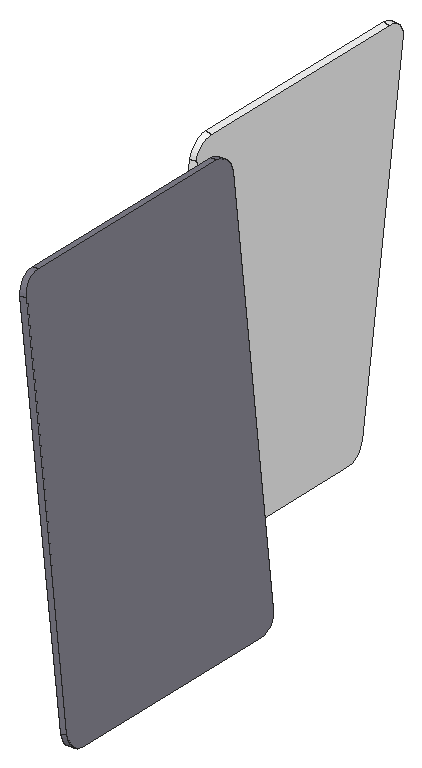
Revit family "Add_On_Board-Teknion-CQCAB_Routes-R2022", category Furniture, Revit 2022
Family settings
  OmniClass Number = 23.40.20.00
  OmniClass Title = General Furniture and Specialties
  Work Plane-Based = No
  Always vertical = Yes
  Cut with Voids When Loaded = No
  Render Appearance Source = Family Geometry
  Shared = Yes
  Room Calculation Point = No
Parameters (values of type "One Whiteboard Add Ons & One Tackboard Add Ons")
  Warranty = "http://www.teknion.com/ca/papers/legal-canada"
  Unit Weight URL = "http://www.teknion.com/ca/tools/assets#&asset=bee6a381-b954-425e-8283-5a2de3a804f2,f828d448-4b62-4231-9e5f-9a8991c0ed77"
  URL = "www.teknion.com"
  To render please download texture images found here [instance] = "https://assets.teknion.com/web/5e81352c1dfdb467/revit-material-swatches/"
  Tackboard Fabric [instance] = Upholstery_Fabric-Teknion-S352-Grade_7-Subtle_Stria-Refined
  Sustainability Data = "https://www.teknion.com/ca/tools/assets#&topic=216f99a5-57a0-44fc-b10a-9dee9b29ae4c&asset=444deb64-fe58-4b68-981e-f75e97781df7,b4ff2d81-9f2e-437d-9659-7cffb09c31cf"
  Series = "Routes"  # constant formula
  Right Whiteboard Add On Board = no
  Right Tackboard Add On Board = yes
  Product Page URL = "https://www.teknion.com/ca/products/product-details?productLineId=70f0476f-8e7a-673b-a6c8-ff05004460c4"
  Product Line = "Routes"  # constant formula
  Product Documentation Link = "https://assets.teknion.com/m/72af4764f50e983c/original/Routes-Reference-Guide.pdf"
  Part Number = "CQCAB"
  Model = "CQCABU_"
  Manufacturer Phone = "416-661-3370"  # constant formula
  Manufacturer Fax = "416.661.4586"  # constant formula
  Manufacturer Contact Information = "http://www.teknion.com/ca/contactus"
  Manufacturer Address = "1150 Flint Road, Toronto, ON. M3J 2J5. Canada"  # constant formula
  Manufacturer = "Teknion"  # constant formula
  Left Whiteboard Add On = yes
  Left Tackboard Add On = no
  How To Use Teknion Materials User Guide [instance] = "https://assets.teknion.com/m/205dd0a49fa58060/original/How-to-add-a-Material-Library-and-Texture-Images-to-your-Revit-project.pdf"
  For Additional Finishes please visit [instance] = "https://assets.teknion.com/m/44a8009b046e5d47/original/Teknion_Materials_Library.zip"
  Description = "Routes  Add On Board, One Whiteboard Add Ons & One Tackboard Add On"
  Default Elevation = 0.000"
  Assembly Code = "E2020200"
  2D Add On Board = yes
Types (4): name | Tackboard Fabric | Right Whiteboard Add On Board | Right Tackboard Add On Board | Model | Left Whiteboard Add On | Left Tackboard Add On | Description
  (no name) | Upholstery_Fabric-Teknion-S352-Grade_7-Subtle_Stria-Refined | no | yes | "CQCABU_" | yes | no | "Routes  Add On Board, One Whiteboard Add Ons & One Tackboard Add On"
  One Whiteboard Add Ons & One Tackboard Add Ons | Upholstery_Fabric-Teknion-S352-Grade_7-Subtle_Stria-Refined | no | yes | "CQCABU_" | yes | no | "Routes  Add On Board, One Whiteboard Add Ons & One Tackboard Add On"
  Two Tackboard Add Ons | Fabric - Teknion - A164 - Adage - Amethyst | no | yes | "CQCABT_" | no | yes | "Routes Add On Board, Two Tackboard Add Ons"
  Two Whiteboard Add Ons | Laminate-Teknion-5D-Whiteboard | yes | no | "CQCABWW" | yes | no | "Routes Add On Board, Two Whiteboard Add Ons,"
Reference planes (in)
  plane 1: z = 0
  plane 2 "Center Left/Right": x = -0.32293
  plane 3 "Left": x = -7.39958
  plane 4 "Right": x = 6.75373
  plane 5 "Back": y = 25.42193
  plane 6 "Front": y = -33.0627
  plane 7 "Top": z = 77.87003
  plane 8 "Center (Front/Back)": y = -3.82039
Forms (in)
  Sweep 1, solid, material "Upholstery_Fabric-Teknion-S352-Grade_7-Subtle_Stria-Refined" <- "Tackboard Fabric", visible <- "Left Tackboard Add On"
    path origin (-0.33229, -2.85669, -0.14177) x (-1, 0, 0) y (0, 0, 1)
      loop
        line (6.35838, 27.01658) -> (7.06729, 27.09286)
    profile origin (-7.04512, -2.85669, 26.91295) x (-0.106981, 0, -0.994261) y (0, -1, 0)
      loop
        line (-45.5, -28.27862) -> (-2, -28.27862)
        arc (-2, -28.27862) -> (-0.58579, -27.69284) -> (0, -26.27862) r 2
        line (0, -26.27862) -> (0, -0.77862)
        arc (0, -0.77862) -> (-0.58579, 0.63559) -> (-2, 1.22138) r 2
        line (-2, 1.22138) -> (-45.5, 1.22138)
        arc (-45.5, 1.22138) -> (-46.91421, 0.63559) -> (-47.5, -0.77862) r 2
        line (-47.5, -0.77862) -> (-47.5, -26.27862)
        arc (-47.5, -26.27862) -> (-46.91421, -27.69284) -> (-45.5, -28.27862) r 2
  Sweep 2, solid, material "Laminate-Teknion-5D-Whiteboard", visible <- "Right Whiteboard Add On Board"
    path origin (-0.31131, -2.85669, -0.14177) x (1, 0, 0) y (0, 0, 1)
      loop
        line (6.35613, 27.01658) -> (7.06504, 27.09286)
    profile origin (6.39927, -2.85669, 26.91295) x (-0.106981, 0, 0.994261) y (0, -1, 0)
      loop
        arc (45.5, 0.68181) -> (46.91421, 1.26759) -> (47.5, 2.68181) r 2
        line (47.5, 2.68181) -> (47.5, 28.18181)
        arc (47.5, 28.18181) -> (46.91421, 29.59602) -> (45.5, 30.18181) r 2
        line (45.5, 30.18181) -> (2, 30.18181)
        arc (2, 30.18181) -> (0.58579, 29.59602) -> (0, 28.18181) r 2
        line (0, 28.18181) -> (0, 2.68181)
        arc (0, 2.68181) -> (0.58579, 1.26759) -> (2, 0.68181) r 2
        line (2, 0.68181) -> (45.5, 0.68181)
  Sweep 3, solid, material "Upholstery_Fabric-Teknion-S352-Grade_7-Subtle_Stria-Refined" <- "Tackboard Fabric", visible <- "Right Tackboard Add On Board"
    path origin (-0.31131, -2.85669, -0.14177) x (1, 0, 0) y (0, 0, 1)
      loop
        line (6.35613, 27.01658) -> (7.06504, 27.09286)
    profile origin (6.39927, -2.85669, 26.91295) x (-0.106981, 0, 0.994261) y (0, -1, 0)
      loop
        arc (45.5, 0.68181) -> (46.91421, 1.26759) -> (47.5, 2.68181) r 2
        line (47.5, 2.68181) -> (47.5, 28.18181)
        arc (47.5, 28.18181) -> (46.91421, 29.59602) -> (45.5, 30.18181) r 2
        line (45.5, 30.18181) -> (2, 30.18181)
        arc (2, 30.18181) -> (0.58579, 29.59602) -> (0, 28.18181) r 2
        line (0, 28.18181) -> (0, 2.68181)
        arc (0, 2.68181) -> (0.58579, 1.26759) -> (2, 0.68181) r 2
        line (2, 0.68181) -> (45.5, 0.68181)
  Sweep 4, solid, material "Laminate-Teknion-5D-Whiteboard", visible <- "Left Whiteboard Add On"
    path origin (-0.33229, -2.85669, -0.14177) x (-1, 0, 0) y (0, 0, 1)
      loop
        line (6.35838, 27.01658) -> (7.06729, 27.09286)
    profile origin (-7.04512, -2.85669, 26.91295) x (-0.106981, 0, -0.994261) y (0, -1, 0)
      loop
        line (-45.5, -28.27862) -> (-2, -28.27862)
        arc (-2, -28.27862) -> (-0.58579, -27.69284) -> (0, -26.27862) r 2
        line (0, -26.27862) -> (0, -0.77862)
        arc (0, -0.77862) -> (-0.58579, 0.63559) -> (-2, 1.22138) r 2
        line (-2, 1.22138) -> (-45.5, 1.22138)
        arc (-45.5, 1.22138) -> (-46.91421, 0.63559) -> (-47.5, -0.77862) r 2
        line (-47.5, -0.77862) -> (-47.5, -26.27862)
        arc (-47.5, -26.27862) -> (-46.91421, -27.69284) -> (-45.5, -28.27862) r 2
Lines and regions (in)
  Masking region 1
    outline origin (0, 0, 0) x (1, 0, 0) y (0, 1, 0)
      loop
        spline (0.96323, -31.0385) -> (0.96506, -31.29955) -> (0.97052, -31.55614) -> (0.97952, -31.80387) -> (0.9919, -32.0385) -> (1.00745, -32.25602) -> (1.0259, -32.45271) -> (1.04694, -32.62521) -> (1.07021, -32.77055) -> (1.09532, -32.88626) -> (1.12182, -32.97035) -> (1.14927, -33.02139) -> (1.1772, -33.0385)
        line (1.1772, -33.0385) -> (6.53977, -33.0385)
        spline (6.53977, -33.0385) -> (6.56769, -33.02139) -> (6.59514, -32.97035) -> (6.62164, -32.88626) -> (6.64675, -32.77055) -> (6.67002, -32.62521) -> (6.69106, -32.45271) -> (6.70951, -32.25602) -> (6.72506, -32.0385) -> (6.73744, -31.80387) -> (6.74644, -31.55614) -> (6.7519, -31.29955) -> (6.75373, -31.0385)
        line (6.75373, -31.0385) -> (6.75373, -5.5385)
        spline (6.75373, -5.5385) -> (6.7519, -5.27745) -> (6.74644, -5.02086) -> (6.73744, -4.77313) -> (6.72506, -4.5385) -> (6.70951, -4.32098) -> (6.69106, -4.12429) -> (6.67002, -3.95179) -> (6.64675, -3.80645) -> (6.62164, -3.69074) -> (6.59514, -3.60665) -> (6.56769, -3.55561) -> (6.53977, -3.5385)
        line (6.53977, -3.5385) -> (1.1772, -3.5385)
        spline (1.1772, -3.5385) -> (1.14927, -3.55561) -> (1.12182, -3.60665) -> (1.09532, -3.69074) -> (1.07021, -3.80645) -> (1.04694, -3.95179) -> (1.0259, -4.12429) -> (1.00745, -4.32098) -> (0.9919, -4.5385) -> (0.97952, -4.77313) -> (0.97052, -5.02086) -> (0.96506, -5.27745) -> (0.96323, -5.5385)
        line (0.96323, -5.5385) -> (0.96323, -31.0385)
      loop
        line (-1.82305, 25.42193) -> (-7.18562, 25.42193)
        spline (-7.18562, 25.42193) -> (-7.21354, 25.40482) -> (-7.24099, 25.35378) -> (-7.2675, 25.26969) -> (-7.2926, 25.15398) -> (-7.31587, 25.00864) -> (-7.33691, 24.83614) -> (-7.35536, 24.63945) -> (-7.37091, 24.42193) -> (-7.38329, 24.1873) -> (-7.39229, 23.93957) -> (-7.39775, 23.68298) -> (-7.39958, 23.42193)
        line (-7.39958, 23.42193) -> (-7.39958, -2.07807)
        spline (-7.39958, -2.07807) -> (-7.39775, -2.33912) -> (-7.39229, -2.59571) -> (-7.38329, -2.84344) -> (-7.37091, -3.07807) -> (-7.35536, -3.29559) -> (-7.33691, -3.49228) -> (-7.31587, -3.66478) -> (-7.2926, -3.81012) -> (-7.2675, -3.92583) -> (-7.24099, -4.00992) -> (-7.21354, -4.06096) -> (-7.18562, -4.07807)
        line (-7.18562, -4.07807) -> (-1.82305, -4.07807)
        spline (-1.82305, -4.07807) -> (-1.79512, -4.06096) -> (-1.76767, -4.00992) -> (-1.74117, -3.92583) -> (-1.71607, -3.81012) -> (-1.6928, -3.66478) -> (-1.67175, -3.49228) -> (-1.6533, -3.29559) -> (-1.63775, -3.07807) -> (-1.62537, -2.84344) -> (-1.61638, -2.59571) -> (-1.61092, -2.33912) -> (-1.60909, -2.07807)
        line (-1.60909, -2.07807) -> (-1.60909, 23.42193)
        spline (-1.60909, 23.42193) -> (-1.61092, 23.68298) -> (-1.61638, 23.93957) -> (-1.62537, 24.1873) -> (-1.63775, 24.42193) -> (-1.6533, 24.63945) -> (-1.67175, 24.83614) -> (-1.6928, 25.00864) -> (-1.71607, 25.15398) -> (-1.74117, 25.26969) -> (-1.76767, 25.35378) -> (-1.79512, 25.40482) -> (-1.82305, 25.42193)
  symbolic lines
    curve 1: line (-2.31799, -2.07807, 0) -> (-2.31799, 23.42193, 0)
    curve 2: spline (-2.31799, 23.42193, 0) -> (-2.31982, 23.68298, 0) -> (-2.32528, 23.93957, 0) -> (-2.33428, 24.1873, 0) -> (-2.34666, 24.42193, 0) -> (-2.36221, 24.63945, 0) -> (-2.38066, 24.83614, 0) -> (-2.4017, 25.00864, 0) -> (-2.42497, 25.15398, 0) -> (-2.45008, 25.26969, 0) -> (-2.47658, 25.35378, 0) -> (-2.50403, 25.40482, 0) -> (-2.53196, 25.42193, 0)
    curve 3: spline (-2.53196, -4.07807, 0) -> (-2.50403, -4.06096, 0) -> (-2.47658, -4.00992, 0) -> (-2.45008, -3.92583, 0) -> (-2.42497, -3.81012, 0) -> (-2.4017, -3.66478, 0) -> (-2.38066, -3.49228, 0) -> (-2.36221, -3.29559, 0) -> (-2.34666, -3.07807, 0) -> (-2.33428, -2.84344, 0) -> (-2.32528, -2.59571, 0) -> (-2.31982, -2.33912, 0) -> (-2.31799, -2.07807, 0)
    curve 4: line (1.67214, -5.5385, 0) -> (1.67214, -31.0385, 0)
    curve 5: spline (1.8861, -3.5385, 0) -> (1.85818, -3.55561, 0) -> (1.83073, -3.60665, 0) -> (1.80422, -3.69074, 0) -> (1.77912, -3.80645, 0) -> (1.75585, -3.95179, 0) -> (1.73481, -4.12429, 0) -> (1.71636, -4.32098, 0) -> (1.70081, -4.5385, 0) -> (1.68843, -4.77313, 0) -> (1.67943, -5.02086, 0) -> (1.67397, -5.27745, 0) -> (1.67214, -5.5385, 0)
    curve 6: spline (1.67214, -31.0385, 0) -> (1.67397, -31.29955, 0) -> (1.67943, -31.55614, 0) -> (1.68843, -31.80387, 0) -> (1.70081, -32.0385, 0) -> (1.71636, -32.25602, 0) -> (1.73481, -32.45271, 0) -> (1.75585, -32.62521, 0) -> (1.77912, -32.77055, 0) -> (1.80422, -32.88626, 0) -> (1.83073, -32.97035, 0) -> (1.85818, -33.02139, 0) -> (1.8861, -33.0385, 0)
Dimensions and locks (in)
  locked: plane 3 "Left" to plane 4 "Right" at 14.15106
  locked: plane 5 "Back" to plane 6 "Front" at 58.48463
  plane 7 "Top" to level = 77.87003"
  equal spacing: plane 5 "Back", plane 8 "Center (Front/Back)", plane 6 "Front"
  equal spacing: plane 3 "Left", plane 2 "Center Left/Right", plane 4 "Right"
  aligned and locked: level to plane 1
  aligned and locked: Masking region 1 sketch curve to Sweep 3  (x2)
  aligned and locked: Masking region 1 sketch curve to Sweep 2  (x2)
  aligned and locked: Masking region 1 sketch curve to Sweep 4  (x4)
  aligned and locked: curve 1 to Sweep 4
  aligned and locked: curve 4 to Sweep 3
Automatic sketch dimensions
  Sweep 1 sketch curve to plane 3 "Left" = 0.000"
  Sweep 1 sketch curve to plane 3 "Left" = 0.70891"
  Sweep 1 sketch curve to level = 26.87481"
  Sweep 1 sketch curve to Sweep 1 sketch curve = 0.07628"
  Sweep 1 sketch curve to profile plane = 0.000"
  profile plane to Sweep 1 sketch curve = 2.000"  (x2)
  profile plane to Sweep 1 sketch curve = 1.22138"
  Sweep 1 sketch curve to profile plane = 0.77862"
  Sweep 1 sketch curve to Sweep 1 sketch curve = 43.500"
  Sweep 1 sketch curve to Sweep 1 sketch curve = 2.000"
  Sweep 1 sketch curve to Sweep 1 sketch curve = 25.500"
  plane 4 "Right" to Sweep 2 sketch curve = 0.000"
  plane 4 "Right" to Sweep 2 sketch curve = 0.70891"
  level to Sweep 2 sketch curve = 26.87481"
  Sweep 2 sketch curve to Sweep 2 sketch curve = 0.07628"
  Sweep 2 sketch curve to profile plane = 0.000"
  Sweep 2 sketch curve to Sweep 2 sketch curve = 2.000"  (x2)
  Sweep 2 sketch curve to profile plane = 2.000"
  profile plane to Sweep 2 sketch curve = 2.68181"
  Sweep 2 sketch curve to Sweep 2 sketch curve = 43.500"
  Sweep 2 sketch curve to Sweep 2 sketch curve = 0.000"
  Sweep 2 sketch curve to Sweep 2 sketch curve = 25.500"
  plane 4 "Right" to Sweep 3 sketch curve = 0.000"
  plane 4 "Right" to Sweep 3 sketch curve = 0.70891"
  level to Sweep 3 sketch curve = 26.87481"
  Sweep 3 sketch curve to Sweep 3 sketch curve = 0.07628"
  Sweep 3 sketch curve to profile plane = 0.000"
  Sweep 3 sketch curve to Sweep 3 sketch curve = 2.000"  (x2)
  Sweep 3 sketch curve to profile plane = 2.000"
  profile plane to Sweep 3 sketch curve = 2.68181"
  Sweep 3 sketch curve to Sweep 3 sketch curve = 43.500"
  Sweep 3 sketch curve to Sweep 3 sketch curve = 0.000"
  Sweep 3 sketch curve to Sweep 3 sketch curve = 25.500"
  Sweep 4 sketch curve to plane 3 "Left" = 0.000"
  Sweep 4 sketch curve to plane 3 "Left" = 0.70891"
  Sweep 4 sketch curve to level = 26.87481"
  Sweep 4 sketch curve to Sweep 4 sketch curve = 0.07628"
  Sweep 4 sketch curve to profile plane = 0.000"
  profile plane to Sweep 4 sketch curve = 2.000"  (x2)
  profile plane to Sweep 4 sketch curve = 1.22138"
  Sweep 4 sketch curve to profile plane = 0.77862"
  Sweep 4 sketch curve to Sweep 4 sketch curve = 43.500"
  Sweep 4 sketch curve to Sweep 4 sketch curve = 2.000"
  Sweep 4 sketch curve to Sweep 4 sketch curve = 25.500"
  Masking region 1 sketch curve to plane 8 "Center (Front/Back)" = 1.71811"  (x2)
  Masking region 1 sketch curve to plane 6 "Front" = 2.0242"  (x2)
  plane 2 "Center Left/Right" to Masking region 1 sketch curve = 1.50012"  (x2)
  plane 4 "Right" to Masking region 1 sketch curve = 0.21396"  (x2)
  Masking region 1 sketch curve to plane 2 "Center Left/Right" = 1.50012"  (x2)
  plane 3 "Left" to Masking region 1 sketch curve = 0.21396"  (x2)
  plane 8 "Center (Front/Back)" to Masking region 1 sketch curve = 1.74232"  (x2)
  Masking region 1 sketch curve to plane 5 "Back" = 2.000"  (x2)
  plane 8 "Center (Front/Back)" to curve 1 = 1.74232"
  curve 1 to plane 5 "Back" = 2.000"
  curve 2 to plane 5 "Back" = 0.000"
  curve 2 to curve 1 = 0.21396"
  curve 3 to plane 8 "Center (Front/Back)" = 0.25768"
  curve 3 to curve 1 = 0.21396"
  curve 4 to plane 8 "Center (Front/Back)" = 1.71811"
  curve 4 to plane 6 "Front" = 2.0242"
  plane 8 "Center (Front/Back)" to curve 5 = 0.28189"
  curve 5 to curve 5 = 0.21396"
  curve 6 to curve 6 = 0.21396"
  curve 6 to plane 6 "Front" = 0.0242"
Nested families (in)
  nested 1: "Teknion_2D_Node_Family-R2020" at (-0.32293, -3.82039, 0), type "Teknion_2D_Node_Family-R2020"
Definition of nested family "Teknion_2D_Node_Family-R2020"
  Reference planes (in)
    plane 1 "Center (Front/Back)": y = 0
    plane 2: z = 0
    plane 3 "Center (Left/Right)": x = 0
  Lines and regions (in)
    detail lines, in view "Ref. Level"
      curve 1: circle (0, 0, 0) r 1.25 normal (0, 0, 1)
      curve 2: line (1.91508, -1.91508, 0) -> (-1.91508, 1.91508, 0)
      curve 3: line (-1.91508, -1.91508, 0) -> (1.91508, 1.91508, 0)
